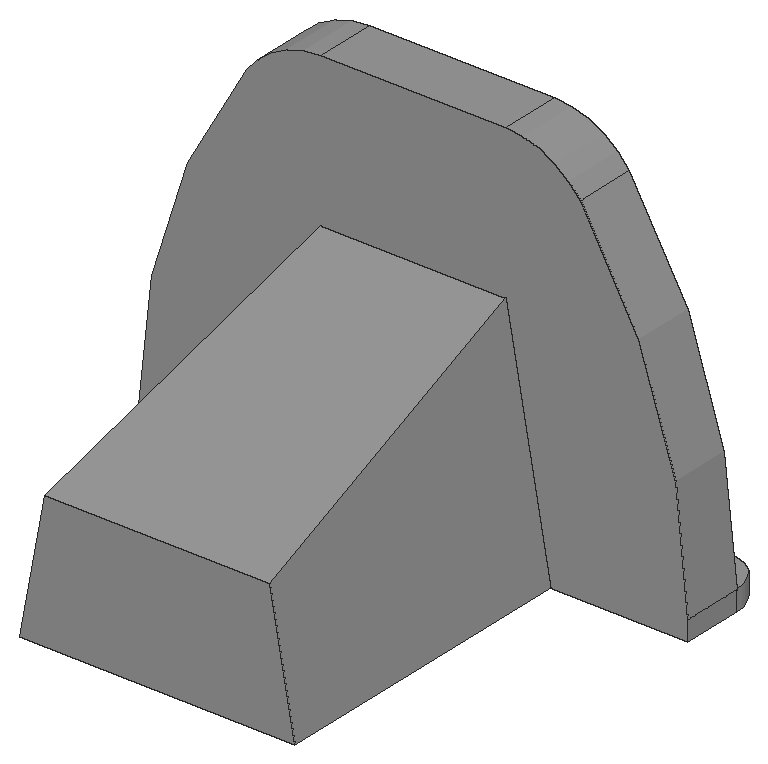
Revit family "3_Station-Wash_Fountain-Willoughby-WAF-3301", category Plumbing Fixtures, Revit 2015
Parameters (values of type "Standard")
  Waste DIA = 1 1/2"
  Waste Connection = yes
  Vent Connection = no
  URL = "https://www.willoughby-ind.com/wp-content/uploads/2018/01/WAF-3300.pdf"
  Revision = "A"
  Model = "WAF-3301"
  Manufacturer = "Willoughby Industries"
  Lav Waste RAD = Waste DIA / 2  # 3/4"
  HW inlet RAD = CW Inlet DIA / 2  # 1/4"
  HW Inlet DIA = 1/2"
  HW Connection = yes
  Fixture Body = Stainless Steel AISI 304-Willoughby
  Description = "3 station washfountain, Wall Mounted"
  Default Elevation = 0' - 0"
  Contact Info = "(800) 428-4065"
  CW inlet RAD = HW Inlet DIA / 2  # 1/4"
  CW Inlet DIA = 1/2"
  CW Connection = yes
  AquaSurf Solid surface = Solid Surface Acrylic Resin-Willoughby
Reference planes (in)
  plane 1 "Center (Front/Back)": y = 0
  plane 2: z = 0
  plane 3 "Center (Left/Right)": x = 0
  plane 4: y = 34
  plane 5: y = 20.5
  plane 6: x = -1
  plane 7: x = -5
  plane 8: y = 23.5
  plane 9: z = 3
Forms (in)
  Extrusion 1, solid, material "Solid Surface Acrylic Resin-Willoughby" <- "AquaSurf Solid surface"
    sketch origin (0, 0, 0) x (1, 0, 0) y (0, 0, 1)
      loop
        line (18, 0) -> (18, 1.3125)
        arc (18, 1.3125) -> (16.19686, 12.93507) -> (10.95696, 23.46497) r 38.35959
        arc (10.95696, 23.46497) -> (8.81633, 25.32869) -> (6.05859, 26) r 6
        line (6.05859, 26) -> (-6.05859, 26)
        arc (-6.05859, 26) -> (-8.81633, 25.32869) -> (-10.95696, 23.46497) r 6
        arc (-10.95696, 23.46497) -> (-16.19686, 12.93507) -> (-18, 1.3125) r 38.35959
        line (-18, 1.3125) -> (-18, 0) -> (18, 0)
    from -34 to -30
  Extrusion 2, solid, material "Solid Surface Acrylic Resin-Willoughby" <- "AquaSurf Solid surface", detail levels medium+fine
    sketch origin (0, 0, 0) x (1, 0, 0) y (0, 1, 0)
      loop
        line (6.25, 37.5) -> (-6.25, 37.5) -> (-15.60543, 36.68151)
        arc (-15.60543, 36.68151) -> (-17.312, 35.83992) -> (-18.00165, 34.06649) r 2.625
        line (-18.00165, 34.06649) -> (-18.00165, 34) -> (18.00165, 34) -> (18.00165, 34.06649)
        arc (18.00165, 34.06649) -> (17.312, 35.83992) -> (15.60543, 36.68151) r 2.625
        line (15.60543, 36.68151) -> (6.25, 37.5)
    from 0 to 1.3125
  Extrusion 3, void, detail levels fine
    sketch origin (0, 0, 0) x (1, 0, 0) y (0, 0, 1)
      loop
        arc (-4.80741, 8.48537) -> (-4.46062, 9.06188) -> (-3.82704, 9.2882) r 1
        line (-3.82704, 9.2882) -> (3.82704, 9.2882)
        arc (3.82704, 9.2882) -> (4.46062, 9.06188) -> (4.80741, 8.48537) r 1
        line (4.80741, 8.48537) -> (6.14944, 1.8125) -> (15.99656, 1.8125)
        arc (15.99656, 1.8125) -> (14.2143, 12.56708) -> (9.32417, 22.30998) r 36.35959
        arc (9.32417, 22.30998) -> (7.89708, 23.55246) -> (6.05859, 24) r 4
        line (6.05859, 24) -> (-6.05859, 24)
        arc (-6.05859, 24) -> (-7.89708, 23.55246) -> (-9.32417, 22.30998) r 4
        arc (-9.32417, 22.30998) -> (-14.2143, 12.56708) -> (-15.99656, 1.8125) r 36.35959
        line (-15.99656, 1.8125) -> (-6.14944, 1.8125) -> (-4.80741, 8.48537)
    from -34 to -31.04074
  Extrusion 4, solid, material "Solid Surface Acrylic Resin-Willoughby" <- "AquaSurf Solid surface", detail levels medium+fine
    sketch origin (0, 0, 0) x (1, 0, 0) y (0, 0, 1)
      loop
        line (6.25, 1.3125) -> (4.16146, 11.69717)
        arc (4.16146, 11.69717) -> (3.81467, 12.27368) -> (3.18109, 12.5) r 1
        line (3.18109, 12.5) -> (-3.69111, 12.5)
        arc (-3.69111, 12.5) -> (-4.32468, 12.27368) -> (-4.67147, 11.69717) r 1
        line (-4.67147, 11.69717) -> (-6.25, 3.84839) -> (-6.25, 0) -> (6.25, 0) -> (6.25, 1.3125)
    from -38.6875 to -34
  Extrusion 5, solid, material "Solid Surface Acrylic Resin-Willoughby" <- "AquaSurf Solid surface", detail levels medium+fine
    sketch origin (0, 0, 0) x (1, 0, 0) y (0, 0, 1)
      loop
        line (-6.75, 0) -> (6.75, 0) -> (6.75, 1.36228) -> (4.57092, 12.19717)
        arc (4.57092, 12.19717) -> (4.22412, 12.77368) -> (3.59055, 13) r 1
        line (3.59055, 13) -> (-3.59055, 13)
        arc (-3.59055, 13) -> (-4.22412, 12.77368) -> (-4.57092, 12.19717) r 1
        line (-4.57092, 12.19717) -> (-6.75, 1.36228) -> (-6.75, 0)
    from -39.5 to -38.6875
  Extrusion 6, solid, material "Stainless Steel AISI 304-Willoughby" <- "Fixture Body"
    sketch origin (0, 0, 0) x (0, 1, 0) y (0, 0, 1)
      loop
        line (9, 0) -> (30, 0) -> (30, 16) -> (9, 8.875) -> (9, 0)
    from -9 to 9
  Extrusion 7, void, detail levels fine
    sketch origin (0, 0, 0) x (1, 0, 0) y (0, 0, 1)
      loop
        line (-6.0625, 16) -> (-10.92772, 16) -> (-10.92772, 0) -> (-9, 0) -> (-6.0625, 16)
    from -30 to 0
  Extrusion 8, void, detail levels fine
    sketch origin (0, 0, 0) x (-1, 0, 0) y (0, 0, -1)
      loop
        line (-6.0625, -16) -> (-9, 0) -> (-10.92772, 0) -> (-10.92772, -16) -> (-6.0625, -16)
    from -30 to 0
  Extrusion 9, solid, material "Stainless Steel AISI 304-Willoughby" <- "Fixture Body", detail levels fine
    sketch origin (0, 0, 0) x (1, 0, 0) y (0, 1, 0)
      loop
        circle (0, 36.04123) r 0.75
    from 12.5 to 13.26649
  Extrusion 10, solid, material "Stainless Steel AISI 304-Willoughby" <- "Fixture Body", detail levels fine
    sketch origin (-7.29933, 0, 5.28548) x (0.197169, 0, -0.980369) y (0, 1, 0)
      loop
        circle (0, 36.04123) r 0.75
    from 12.5 to 13.25086
  Extrusion 11, solid, material "Stainless Steel AISI 304-Willoughby" <- "Fixture Body", detail levels fine
    sketch origin (7.29933, 0, 5.28548) x (-0.197169, 0, -0.980369) y (0, -1, 0)
      loop
        circle (0, -36.04123) r 0.75
    from 12.5 to 13.25598
  Extrusion 12, solid, detail levels fine
    sketch origin (0, 0, 0) x (1, 0, 0) y (0, 1, 0)
      loop
        circle (-1, 20.5) r 0.25
    from 0 to 1
  Extrusion 13, solid, detail levels fine
    sketch origin (-4, 0, 0) x (1, 0, 0) y (0, 1, 0)
      loop
        circle (-1, 20.5) r 0.25
    from 0 to 1
  Extrusion 14, solid, material "Stainless Steel AISI 304-Willoughby" <- "Fixture Body", detail levels fine
    sketch origin (0, 0, 0) x (1, 0, 0) y (0, 1, 0)
      loop
        circle (0, 23.5) r 0.75
    from 0 to 1
Cuts and joins
  Extrusion 7, Extrusion 8 cuts Extrusion 6
  Extrusion 8 cuts Extrusion 4
  Extrusion 8 cuts Extrusion 2
  Extrusion 3 cuts Extrusion 1
Lines and regions (in)
  symbolic lines
    curve 1: line (9, 0, 0) -> (-9, 0, 0)
    curve 2: line (-9, 0, 0) -> (-9, 30, 0)
    curve 3: line (9, 30, 0) -> (9, 0, 0)
    curve 4: line (18, 34, 0) -> (18, 30, 0)
    curve 5: line (18, 30, 0) -> (-18, 30, 0)
    curve 6: line (-18, 30, 0) -> (-18, 34, 0)
    curve 7: arc (-18, 34, 0) -> (-17.31423, 35.79753, 0) -> (-15.60543, 36.68151, 0) r 2.6987
    curve 8: line (-15.60543, 36.68151, 0) -> (-6.25, 37.5, 0)
    curve 9: line (-6.25, 37.5, 0) -> (6.25, 37.5, 0)
    curve 10: line (6.25, 37.5, 0) -> (15.60543, 36.68151, 0)
    curve 11: arc (15.60543, 36.68151, 0) -> (17.33404, 35.81522, 0) -> (18, 34, 0) r 2.62414
    curve 24: line (-18.00165, 0, 0) -> (18.00165, 0, 0)
    curve 25: line (18.00165, 0, 0) -> (18.00165, 0, 1.3125)
    curve 27: line (-18.00165, 0, 1.3125) -> (-18.00165, 0, 0)
    curve 29: line (6.05859, 0, 26) -> (-6.05859, 0, 26)
    curve 30: arc (6.44975, 0, 25.98724) -> (8.98865, 0, 25.23591) -> (10.95696, 0, 23.46497) r 6
    curve 31: arc (10.95696, 0, 23.46497) -> (16.1973, 0, 12.93507) -> (18.00165, 0, 1.3125) r 38.36858
    curve 32: arc (-6.05859, 0, 26) -> (-8.81633, 0, 25.32869) -> (-10.95696, 0, 23.46497) r 6
    curve 33: arc (-10.95696, 0, 23.46497) -> (-16.1973, 0, 12.93507) -> (-18.00165, 0, 1.3125) r 38.36858
    curve 46: line (0, 0, 0) -> (0, 39.5, 0)
    curve 49: line (0, 38.6875, 12.5) -> (0, 38.6875, 0)
    curve 51: line (0, 38.6875, 1.3125) -> (0, 34, 1.3125)
    curve 52: line (0, 38.6875, 3.84839) -> (0, 34, 3.84839)
    curve 53: line (0, 38.6875, 12.5) -> (0, 34, 12.5)
    curve 54: line (0, 34, 26) -> (0, 34, 0)
    curve 60: line (0, 34, 26) -> (0, 30, 26)
    curve 61: line (0, 30, 26) -> (0, 30, 0)
    curve 62: line (0, 34, 1.8125) -> (0, 31.04074, 1.8125)
    curve 63: line (0, 31.04074, 1.8125) -> (0, 31.04074, 24)
    curve 64: line (0, 31.04074, 24) -> (0, 34, 24)
    curve 65: line (0, 31.04074, 9.2882) -> (0, 34, 9.2882)
    curve 66: line (0, 30, 16) -> (0, 9, 8.875)
    curve 67: line (0, 9, 8.875) -> (0, 0, 8.875)
    curve 68: line (0, 0, 8.875) -> (0, 0, 0)
  symbolic lines, detail levels fine
    curve 12: line (6.25, 37.5, 0) -> (6.25, 38.6875, 0)
    curve 13: line (-6.25, 37.5, 0) -> (-6.25, 38.6875, 0)
    curve 14: line (6.75, 38.6875, 0) -> (-6.75, 38.6875, 0)
    curve 15: line (-6.75, 38.6875, 0) -> (-6.75, 39.5, 0)
    curve 16: line (-6.75, 39.5, 0) -> (6.75, 39.5, 0)
    curve 17: line (6.75, 39.5, 0) -> (6.75, 38.6875, 0)
    curve 39: line (6.75, 0, 0) -> (6.75, 0, 1.36228)
    curve 40: line (6.75, 0, 1.36228) -> (4.57092, 0, 12.19717)
    curve 41: line (3.76809, 0, 13) -> (-3.59055, 0, 13)
    curve 42: line (-4.61561, 0, 11.97494) -> (-6.76001, 0, 1.3125)
    curve 43: arc (4.57092, 0, 12.19717) -> (4.33577, 0, 12.76486) -> (3.76809, 0, 13) r 0.80283
    curve 44: arc (-3.59055, 0, 13) -> (-4.31538, 0, 12.69977) -> (-4.61561, 0, 11.97494) r 1.02506
    curve 45: line (-6.76001, 0, 1.3125) -> (-6.76001, 0, 0)
    curve 55: line (0, 36.79123, 13.26649) -> (0, 36.79123, 12.5)
    curve 56: line (0, 36.79123, 13.26649) -> (0, 35.29123, 13.26649)
    curve 57: line (0, 35.29123, 13.26649) -> (0, 35.29123, 12.5)
    curve 58: arc (0, 36.81398, 7.87474) -> (0, 36.06398, 7.12474) -> (0, 35.31398, 7.87474) r 0.75
    curve 59: arc (0, 35.31398, 7.87474) -> (0, 36.06398, 8.62474) -> (0, 36.81398, 7.87474) r 0.75
  symbolic lines, detail levels medium+fine
    curve 18: line (18, 34, 0) -> (-18, 34, 0)
    curve 19: line (-6.0625, 30, 0) -> (-7.37061, 9, 0)
    curve 20: line (-7.37061, 9, 0) -> (-7.37061, 0, 0)
    curve 21: line (7.37061, 0, 0) -> (7.37061, 9, 0)
    curve 22: line (7.37061, 9, 0) -> (6.0625, 30, 0)
    curve 23: line (7.37061, 9, 0) -> (-7.37061, 9, 0)
    curve 26: line (18.00165, 0, 1.3125) -> (-18.00165, 0, 1.3125)
    curve 28: line (6.05859, 0, 24) -> (-6.05859, 0, 24)
    curve 34: arc (6.05859, 0, 24) -> (7.89708, 0, 23.55246) -> (9.32417, 0, 22.30998) r 4
    curve 35: arc (9.32417, 0, 22.30998) -> (14.2143, 0, 12.56708) -> (15.99656, 0, 1.8125) r 36.35959
    curve 36: line (15.99656, 0, 1.8125) -> (-15.99656, 0, 1.8125)
    curve 37: arc (-15.99656, 0, 1.8125) -> (-14.2143, 0, 12.56708) -> (-9.32417, 0, 22.30998) r 36.35959
    curve 38: arc (-9.32417, 0, 22.30998) -> (-7.89708, 0, 23.55246) -> (-6.05859, 0, 24) r 4
    curve 47: line (0, 39.5, 0) -> (0, 39.5, 13)
    curve 48: line (0, 39.5, 13) -> (0, 38.6875, 13)
    curve 50: line (0, 39.5, 1.36228) -> (0, 38.6875, 1.36228)
    curve 69: line (0, 38.6875, 12.5) -> (0, 38.6875, 13)
Dimensions and locks (in)
  locked: Extrusion 1 to Extrusion 1 at 4
  plane 1 "Center (Front/Back)" to cut or joined group of Extrusion 1, Extrusion 3 = 2' - 6"
  aligned and locked: plane 4 to Extrusion 1
  aligned and locked: cut or joined group of Extrusion 2, Extrusion 8 to cut or joined group of Extrusion 2, Extrusion 8  (x3)
  aligned and locked: cut or joined group of Extrusion 2, Extrusion 8 to level
  aligned and locked: Extrusion 5 to cut or joined group of Extrusion 4, Extrusion 8
  aligned and locked: cut or joined group of Extrusion 1, Extrusion 3 to cut or joined group of Extrusion 1, Extrusion 3  (x2)
Connectors (in)
  piping at (-1, 20.5, 0), diameter 0.5, driven by "CW inlet RAD", driven by "CW Connection"
    settings: on Extrusion 12, index 1, connector inside diameter 1/2", connector length 0' - 0", flow factor 0, pipe flow 0 GPM, pressure drop 0.00 psi, fitting loss kfactor 0, connector angle 0.00°, fixture units 0, engagement length 0' - 0", angle of deflection 0.00°, flow configuration 0, flow direction 1, fitting loss method 0, system type 20, joint type 0, gender type 0, connector reference index -1, connector utility 1, adjustable connector no, is connector primary yes, connector description "Washfountain CW Supply"
  piping at (-5, 20.5, 0), diameter 0.5, driven by "HW inlet RAD", driven by "HW Connection"
    settings: on Extrusion 13, index 2, connector inside diameter 1/2", connector length 0' - 0", flow factor 0, pipe flow 0 GPM, pressure drop 0.00 psi, fitting loss kfactor 0, connector angle 0.00°, fixture units 0, engagement length 0' - 0", angle of deflection 0.00°, flow configuration 0, flow direction 1, fitting loss method 0, system type 19, joint type 0, gender type 0, connector reference index -1, connector utility 1, adjustable connector no, is connector primary no, connector description "Washfountain HW Supply"
  piping at (0, 23.5, 0), diameter 1.5, driven by "Waste Connection", driven by "Lav Waste RAD"
    settings: on Extrusion 14, index 3, connector inside diameter 1 1/2", connector length 0' - 0", flow factor 0, pipe flow 0 GPM, pressure drop 0.00 psi, fitting loss kfactor 0, connector angle 0.00°, fixture units 0, engagement length 0' - 0", angle of deflection 0.00°, flow configuration 0, flow direction 2, fitting loss method 0, system type 16, joint type 0, gender type 0, connector reference index -1, connector utility 1, adjustable connector yes, is connector primary no, connector description "Washfountain Drain"
